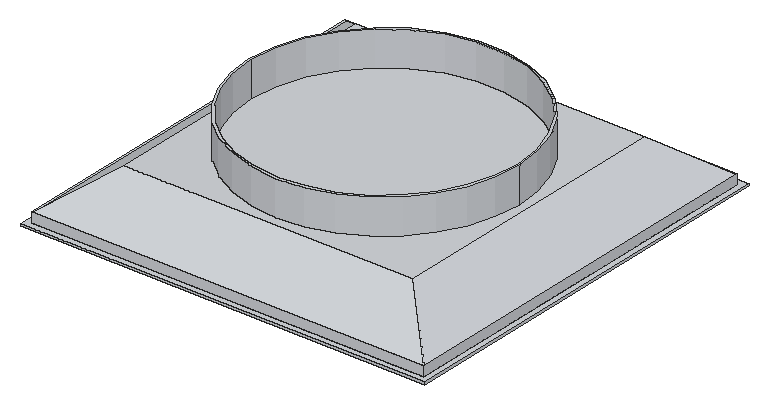
Revit family "PCR-23", category Air Terminals, Revit 2012
Parameters (values of type "PCR-16-24")
  Visible_Texto_SCuello = not(or(Seleccion_Cuello = 1, Seleccion_Cuello = 2))  # no
  Visible_Texto2 = and(Seleccion_Cuello = 2, or(or(Medida_Requerida < 6", Medida_Requerida > 15"), not(or(Medida_Requerida = (Var1 * 1"), Seleccion_Cuello = 1, Medida_Requerida = 15"))))  # no
  Visible_Texto1 = and(Seleccion_Cuello = 1, or(or(Medida_Requerida < 6", Medida_Requerida > 16"), not(Medida_Requerida = (Var1 * 1"))))  # no
  Visible_Conect_R = Seleccion_Cuello = 1  # yes
  Visible_Conect_C = Seleccion_Cuello = 2  # no
  Var3 = if(Var1 * 1" < 6", 6", if(Var1 * 1" > 14", 15", Var1 * 1"))  # 15"
  Var2 = if(Var1 * 1" < 6", 6", if(Var1 * 1 > 16, 16", Var1 * 1"))  # 16"
  Var1 = roundup(Medida_Requerida / 2") * 2  # 16
  URL = "https://www.innes.com.mx"
  Type Comments = "Malla perforada desmontable"
  Tipo de Cuello = "Redondo/Cuadrado"
  Seleccion_Cuello = 1
  Redondo(1)Cuadrado(2) = if(Seleccion_Cuello < 1, 1, if(Seleccion_Cuello > 2, 2, Seleccion_Cuello))  # 1
  Posición de Instalación = "Techo"
  Nota_SCuello = if(Seleccion_Cuello = 1, "Cuello Redondo", if(Seleccion_Cuello = 2, "Cuello cuadrado", "(1)-Redondo,(2)-Cuadrado"))  # "Cuello Redondo"
  Nota2//Cuadrado = if(Seleccion_Cuello = 1, ".", if(Medida_Requerida < 6", "Cuello no disponible, mínimo 6 in", if(Medida_Requerida > 15", "Cuello no disponible, máximo 15 in", if(Medida_Requerida = (Var1 * 1"), ".", if(Medida_Requerida = 15", ".", "Sólo incrementos de 2 in hasta el tamaño 14")))))  # "."
  Nota1//Redondo = if(Seleccion_Cuello = 2, ".", if(Medida_Requerida < 6", "Diámetro  no disponible, mínimo 6 in", if(Medida_Requerida > 16", "Diámetro  no disponible, máximo 16 in\r\n", if(Medida_Requerida = (Var1 * 1"), ".", "Diámetro No Válido. Sólo incrementos de 2 in"))))  # "."
  Model = "PCR"
  Medida_Requerida = 16"
  Material = "Aluminio/Acero"
  Manufacturer = "INNES"
  Función = "Retorno"
  Description = "Difusor perforado para Retorno"
  Cuello Min-Max Redondo = "6\" hasta 16\" en Incrementos de 2\""
  Cuello Min-Max Cuadrado = "6\"x6\" a 15\"x15\" en Incrementos de 2\""
  Cuello Especial Cuadrado = "15\"x15\""
  Conect_Redondo = (Var2 / 2) - 1" / 16  # 7 15/16"
  Conect_Cuadrado = Var3 - 1" / 8  # 14 7/8"
Types (8): name | Visible_Conect_R | Visible_Conect_C | Var3 | Var2 | Var1 | Seleccion_Cuello | Redondo(1)Cuadrado(2) | Nota_SCuello | Medida_Requerida | Conect_Redondo | Conect_Cuadrado
  (no name) | yes | no | 15" | 16" | 16 | 1 | 1 | "Cuello Redondo" | 16" | 7 15/16" | 14 7/8"
  PCR-06-24 | yes | no | 6" | 6" | 6 | 1 | 1 | "Cuello Redondo" | 6" | 2 15/16" | 5 7/8"
  PCR-08-24 | yes | no | 8" | 8" | 8 | 1 | 1 | "Cuello Redondo" | 8" | 3 15/16" | 7 7/8"
  PCR-10-24 | yes | no | 10" | 10" | 10 | 1 | 1 | "Cuello Redondo" | 10" | 4 15/16" | 9 7/8"
  PCR-12-24 | yes | no | 12" | 12" | 12 | 1 | 1 | "Cuello Redondo" | 12" | 5 15/16" | 11 7/8"
  PCR-14-24 | no | yes | 14" | 14" | 14 | 2 | 2 | "Cuello cuadrado" | 14" | 6 15/16" | 13 7/8"
  PCR-15-24 Solo C.Cuadrado | no | yes | 15" | 16" | 16 | 2 | 2 | "Cuello cuadrado" | 15" | 7 15/16" | 14 7/8"
  PCR-16-24 | yes | no | 15" | 16" | 16 | 1 | 1 | "Cuello Redondo" | 16" | 7 15/16" | 14 7/8"
Reference planes (in)
  plane 1 "Center (Front/Back)": y = 0
  plane 2: z = 0
  plane 3 "Center (Left/Right)": x = 0
Nested families (in)
  nested 1: "PCR" at (0, 0, 0.03125), type "PCR-06-24"
  nested 2: "Texto3_PCR" at (9.36295, -41.94154, 0), type "texto"
  nested 3: "Texto1_PCR" at (31.38605, -41.87756, 0), type "texto"
  nested 4: "Texto2_PCR" at (29.58665, -42.22543, 0), type "texto"
Connectors (in)
  hvac at (0, 0, 4.9375), driven by "Conect_Redondo", driven by "Visible_Conect_R", driven by "Nota_SCuello"
    settings: on nested 1, index 1, duct flow 0.0 L/s, flow factor 0, pres drop 0.0 Pa, loss coef 0, conn angle 0.00°, conn width 304.8 mm, conn height 304.8 mm, conn radius 201.613 mm, duct sys type 1, conn prof type 0, flow config 0, flow direction 0, loss method 0, conn ref index -1, conn util yes, is conn primary yes, conn desc "Cuello Redondo"
  hvac at (0, 0, 4.9375), driven by "Conect_Cuadrado", driven by "Conect_Cuadrado", driven by "Visible_Conect_C", driven by "Nota_SCuello"
    settings: on nested 1, index 2, duct flow 0.0 L/s, flow factor 0, pres drop 0.0 Pa, loss coef 0, conn angle 0.00°, conn width 377.825 mm, conn height 377.825 mm, conn radius 304.8 mm, duct sys type 1, conn prof type 1, flow config 0, flow direction 0, loss method 0, conn ref index -1, conn util no, is conn primary no, conn desc "Cuello Redondo"
Definition of nested family "PCR"
  Parameters (values of type "PCR-06-24")
    calibre = 1/8"  # constant formula
    Visible_Cuello_R = Seleccion_Cuello = 1  # yes
    Visible_Cuello_C = Seleccion_Cuello = 2  # no
    Var3 = if(Var1 * 1" < 6", 6", if(Var1 * 1" > 14", 15", Var1 * 1"))  # 15"
    Var2 = if(Var1 * 1" < 6", 6", if(Var1 * 1 > 16, 16", Var1 * 1"))  # 16"
    Var1 = roundup(Medida_Requerida / 2") * 2  # 16
    URL = "http://www.innes.com.mx"
    Seleccion_Cuello = 1
    Radio_Interior = Radio - 1" / 8  # 7 13/16"
    Radio = Cuello_Real_Redondo / 2  # 7 15/16"
    Plato_Interno = Plato - 3/4"  # 23"
    Plato = Modulo - 1" / 4  # 23 3/4"
    Modulo = 24"  # constant formula
    Model = ""
    Min Flow = 0.0 L/s
    Medida_Requerida = 16"
    Max Flow = 0.0 L/s
    Manufacturer = "INNES"
    Malla = Default
    Cuello_Real_Redondo = Var2 - 1" / 8  # 15 7/8"
    Cuello redondo = yes
    Cuello cuadrado = no
    Cuello_Interior_Cuadrado = Cuello_Real_Cuadrado - (1" / 8)  # 14 3/4"
    Cuello_Real_Cuadrado = Var3 - 1" / 8  # 14 7/8"
    Altura_R = 4 15/16"  # constant formula
    Altura_Plato = 2 7/8"  # constant formula
    Altura_C = 4 15/16"  # constant formula
  Types (7): name | Malla
    PCR-06-24 | Default
    PCR-08-24 | none
    PCR-10-24 | none
    PCR-12-24 | none
    PCR-14-24 | none
    PCR-15-24 | none
    PCR-16-24 | none
  Reference planes (in)
    plane 1 "Center (Front/Back)": y = 0
    plane 2: z = -0.03125
    plane 3 "Center (Left/Right)": x = 0
    plane 4: y = 11.875
    plane 5: y = -11.875
    plane 6: x = -11.875
    plane 7: x = 11.875
    plane 8: y = 11.5
    plane 9: x = -11.5
    plane 10: x = 11.5
    plane 11: y = -11.5
    plane 12: z = 0.65625
    plane 13 "blend": z = 0.625
    plane 14: x = -8.5
    plane 15: x = 8.5
    plane 16: y = 8.5
    plane 17: y = -8.5
    plane 18 "BASE CUELLO": z = 2.84375
    plane 19: x = -7.4375
    plane 20: x = 7.4375
    plane 21: y = 7.4375
    plane 22: y = -7.4375
    plane 23: x = -7.375
    plane 24: x = 7.375
    plane 25: y = 7.375
    plane 26: y = -7.375
  Forms (in)
    Blend 1, solid
      base sketch origin (0, 0, 0.625) x (-1, 0, 0) y (0, -1, 0)
        loop
          line (11.5, -11.5) -> (11.5, 11.5) -> (-11.5, 11.5) -> (-11.5, -11.5) -> (11.5, -11.5)
      top sketch origin (0, 0, 0.625) x (-1, 0, 0) y (0, -1, 0)
        loop
          line (8.5, -8.5) -> (8.5, 8.5) -> (-8.5, 8.5) -> (-8.5, -8.5) -> (8.5, -8.5)
      from 0 to 2.21875
    Extrusion 2, solid, visible <- "Cuello cuadrado"
      sketch origin (0, 0, 2.84375) x (-1, 0, 0) y (0, -1, 0)
        loop
          line (7.4375, -7.4375) -> (7.4375, 7.4375) -> (-7.4375, 7.4375) -> (-7.4375, -7.4375) -> (7.4375, -7.4375)
      from 0 to 2.0625
    Extrusion 3, void
      sketch origin (0, 0, 2.84375) x (-1, 0, 0) y (0, -1, 0)
        loop
          line (7.375, -7.375) -> (7.375, 7.375) -> (-7.375, 7.375) -> (-7.375, -7.375) -> (7.375, -7.375)
      from 0 to 2.0625
    Extrusion 4, solid, visible <- "Cuello redondo"
      sketch origin (0, 0, 2.84375) x (-1, 0, 0) y (0, -1, 0)
        loop
          circle (0, 0) r 7.9375
      from 0 to 2.0625
    Extrusion 5, void
      sketch origin (0, 0, 2.84375) x (-1, 0, 0) y (0, -1, 0)
        loop
          circle (0, 0) r 7.8125
      from -4 to 2.0625
    Extrusion 6, solid
      sketch origin (0, 0, -0.03125) x (1, 0, 0) y (0, 1, 0)
        loop
          line (-11.875, 11.875) -> (-11.875, -11.875) -> (11.875, -11.875) -> (11.875, 11.875) -> (-11.875, 11.875)
        loop
          line (-11.5, 11.5) -> (-11.5, -11.5) -> (11.5, -11.5) -> (11.5, 11.5) -> (-11.5, 11.5)
      from 0.12926 to 0
    Extrusion 7, solid, material "Default"
      sketch origin (0, 0, -0.03125) x (1, 0, 0) y (0, 1, 0)
        loop
          line (-11.5, 11.5) -> (-11.5, -11.5) -> (11.5, -11.5) -> (11.5, 11.5) -> (-11.5, 11.5)
      from 0 to 0.12926
    Extrusion 8, solid
      sketch origin (0, 0, -0.03125) x (1, 0, 0) y (0, 1, 0)
        loop
          line (-11.5, 11.5) -> (-11.5, -11.5) -> (11.5, -11.5) -> (11.5, 11.5) -> (-11.5, 11.5)
      from 0.12926 to 0.6875
  Cuts and joins
    Extrusion 3 cuts Extrusion 2
    Extrusion 5 cuts Extrusion 4
  Dimensions and locks (in)
    equal spacing: plane 4, plane 1 "Center (Front/Back)", plane 5
    equal spacing: plane 6, plane 3 "Center (Left/Right)", plane 7
    "Plato": plane 6 to plane 7
    "Plato": plane 4 to plane 5
    equal spacing: plane 9, plane 3 "Center (Left/Right)", plane 10
    equal spacing: plane 21, plane 1 "Center (Front/Back)", plane 22
    "Cuello_Real_Cuadrado": plane 21 to plane 22
    equal spacing: plane 19, plane 3 "Center (Left/Right)", plane 20
    "Cuello_Real_Cuadrado": plane 19 to plane 20
    "Cuello_Interior_Cuadrado": plane 25 to plane 26
    equal spacing: plane 25, plane 1 "Center (Front/Back)", plane 26
    equal spacing: plane 23, plane 3 "Center (Left/Right)", plane 24
    "Cuello_Interior_Cuadrado": plane 23 to plane 24
    cut or joined group of Extrusion 2, Extrusion 3 to level = 4 15/16"
    "Altura_Plato": plane 18 "BASE CUELLO" to level
    cut or joined group of Extrusion 2, Extrusion 3 to plane 18 "BASE CUELLO" = 2 1/16"
    locked: plane 13 "blend" to level at 0.65625
    plane 14 to plane 15 = 17"
    plane 16 to plane 17 = 17"
    "Plato_Interno": Extrusion 8 to Extrusion 8
    "Altura_C": Extrusion 6 to cut or joined group of Extrusion 2, Extrusion 3
    "Altura_R": cut or joined group of Extrusion 4, Extrusion 5 to Extrusion 6
    equal spacing: plane 14, plane 3 "Center (Left/Right)", plane 15
    equal spacing: plane 16, plane 1 "Center (Front/Back)", plane 17
    "Radio": radius of Extrusion 4 sketch curve
    "Radio_Interior": radius of Extrusion 5 sketch curve
    aligned and locked: plane 2 to level
    aligned and locked: Extrusion 2 to plane 20
    aligned and locked: plane 19 to Extrusion 2
    aligned and locked: Extrusion 3 sketch curve to plane 25
    aligned and locked: Extrusion 3 sketch curve to plane 23
    aligned and locked: Extrusion 3 sketch curve to plane 26
    aligned and locked: Extrusion 3 sketch curve to plane 24
    aligned and locked: Extrusion 2 to Extrusion 3
    aligned and locked: Extrusion 6 sketch curve to plane 4
    aligned and locked: plane 6 to Extrusion 6 sketch curve
    aligned and locked: plane 5 to Extrusion 6 sketch curve
    aligned and locked: Extrusion 6 sketch curve to plane 7
    aligned and locked: Extrusion 6 sketch curve to Blend 1  (x4)
    aligned and locked: plane 4 to Extrusion 6
    aligned and locked: Extrusion 6 to plane 5
    aligned and locked: Extrusion 2 to Blend 1
    aligned and locked: Extrusion 3 to Blend 1
    aligned and locked: plane 18 "BASE CUELLO" to Blend 1
    aligned and locked: Blend 1 sketch curve to plane 16
    aligned and locked: plane 17 to Blend 1 sketch curve
    aligned and locked: Blend 1 sketch curve to plane 15
    aligned and locked: plane 14 to Blend 1 sketch curve
    aligned and locked: Extrusion 7 sketch curve to Blend 1  (x4)
    aligned and locked: Extrusion 6 to level
    aligned and locked: Extrusion 7 to level
    aligned and locked: Extrusion 8 sketch curve to Blend 1  (x4)
    aligned and locked: plane 12 to Extrusion 8
    aligned and locked: Extrusion 8 to Extrusion 6
  Automatic sketch dimensions
    plane 8 to Blend 1 sketch curve = 0"
    Blend 1 sketch curve to plane 10 = 0"
    Blend 1 sketch curve to plane 9 = 0"
    Blend 1 sketch curve to plane 11 = 0"
    Extrusion 2 sketch curve to plane 20 = 0"
    plane 19 to Extrusion 2 sketch curve = 0"
    Extrusion 2 sketch curve to plane 21 = 0"
    Extrusion 2 sketch curve to plane 22 = 0"
    plane 1 "Center (Front/Back)" to Extrusion 4 sketch curve = 0"
    plane 3 "Center (Left/Right)" to Extrusion 4 sketch curve = 0"
    plane 1 "Center (Front/Back)" to Extrusion 5 sketch curve = 0"
    plane 3 "Center (Left/Right)" to Extrusion 5 sketch curve = 0"
Definition of nested family "Texto3_PCR"
  Parameters (values of type "texto")
    texto = "Medida supera el maximo de 16"
    Visible_Texto = yes
    Color = rojo
  Reference planes (in)
    plane 1 "Center (Front/Back)": y = 0
    plane 2: z = 0
    plane 3 "Center (Left/Right)": x = 0
Definition of nested family "Texto1_PCR"
  Parameters (values of type "texto")
    texto = "Diámetro  no disponible, mínimo 6 in"
    Visible_Texto = yes
    Color = rojo
  Reference planes (in)
    plane 1 "Center (Front/Back)": y = 0
    plane 2: z = 0
    plane 3 "Center (Left/Right)": x = 0
Definition of nested family "Texto2_PCR"
  Parameters (values of type "texto")
    texto = "Cuello no Disponible. Sólo incrementos de 2 in hasta el tamaño 14"
    Visible_Texto = yes
    Color = rojo
  Reference planes (in)
    plane 1 "Center (Front/Back)": y = 0
    plane 2: z = 0
    plane 3 "Center (Left/Right)": x = 0
